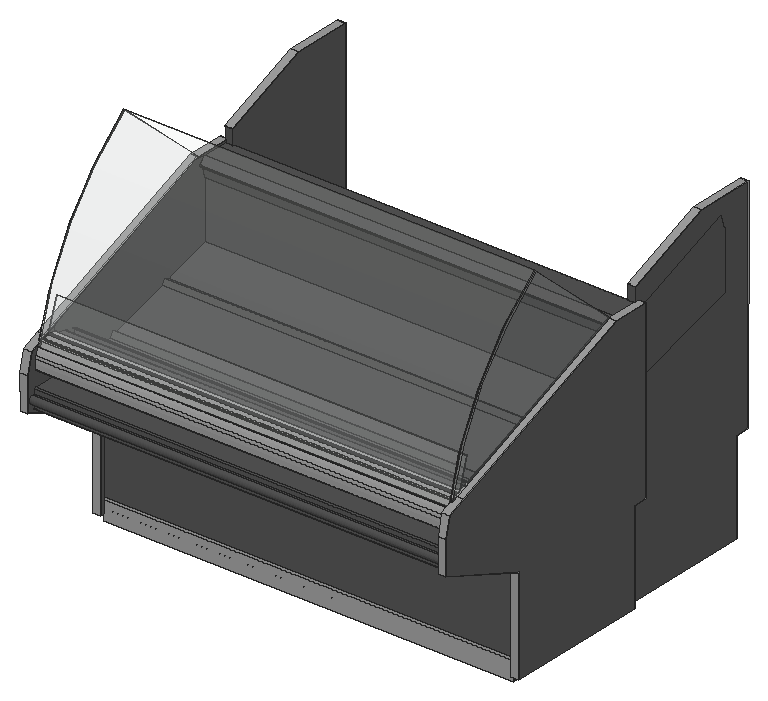
Revit family "DSFI-CG_2014", category Specialty Equipment, Revit 2014
Parameters (values of type "5'-0" Length")
  Width = 60"
  Waste Drain = 1 1/2"  # constant formula
  URL = "www.hussmann.com"
  Type Comments = "Service / Self Service Seafood"  # constant formula
  Trim = Stainless Steel
  Total Weight = Case Weight + (2 * End Weight)  # 0.00 lbf
  Splashguard = Stainless Steel
  Side Panel - Right [instance] = yes
  Side Panel - Left [instance] = yes
  Shelves = Sheet Metal (Steel Painted) - 701 Black
  Right Drain Location from Right = if(Width = 24", 12", if(Width = 36", 18", if(Width = 48", 18 1/8", if(Width = 60", 18 1/8", if(Width = 72", 30 1/8", if(Width = 96", 42", if(Width = 120", 54", 66")))))))  # 18 1/8"
  Revit Family Date = "08/11/2015"  # constant formula
  Refrigeration Lines Suction = 5/8"  # constant formula
  Refrigeration Lines Liquid = 3/8"  # constant formula
  Refrig. Suction = "Suction"
  Refrig. Liquid = "Liquid"
  Note from Manufacturer = "This model only comes in 2'-0\", 3'-0\", 4'-0\", and 5'-0\" length."
  Model URL = "http://www.hussmann.com/en/product%20viewer/display-cases/DSF,%20DSFI"
  Model = "DSFI"  # constant formula
  Manufacturer Disclaimer = "The information in this file is not intended to be an exact representation of the corresponding Hussmann product.  Further, we reserve the right to change or revise specifications and product design in connection with any feature of our products. Such changes do not entitle the buyer to corresponding changes, improvements, additions, or replacements for equipment previously sold or shipped."  # constant formula
  Manufacturer = "Hussmann Corporation"  # constant formula
  Light [instance] = no
  Left Drain Location from Left = if(Width = 24", 6 1/4", if(Width = 36", 6 1/8", if(Width = 48", 5", if(Width = 60", 5", if(Width = 72", 5", if(Width = 96", 5 1/8", if(Width = 120", 5 1/8", 5 1/8")))))))  # 5"
  Height = 45 5/8"  # constant formula
  Glazing = Glass
  Ends = Textured Sheet Metal (Steel Painted) - 701 Black
  End Weight = 0.00 lbf  # constant formula
  Door Frame = Stainless Steel
  Description = "Medium Depth Service Merchandiser for Fresh Seafood Applications"  # constant formula
  Depth = 55 7/8"  # constant formula
  Cutsheet URL = "http://www.hussmann.com/en/Technical%20Documents/DSF_102013_En.pdf"
  Curved Side Panel - Right [instance] = yes
  Curved Side Panel - Left [instance] = yes
  Close Off Panel = Textured Sheet Metal (Steel Painted) - 701 Black
  Case Weight = 0.00 lbf
  Case Interior - Side Panel = Sheet Metal (Steel Painted) - 701 Black
  Case Interior - Back Panel = Sheet Metal (Steel Painted) - 701 Black
  Case = Textured Sheet Metal (Steel Painted) - 701 Black
  Bumper = Extruded PVC - 701 Black
  Assembly Code = ""
  Accessories/Options = ""
Reference planes (in)
  plane 1 "Back": y = 0
  plane 2 "Bottom": z = 0
  plane 3 "Top": z = 45.625
  plane 4 "Left": x = -77.30699
  plane 5 "Front": y = -55.875
  plane 6 "Center (Left/Right)": x = -47.30699
  plane 7 "Right": x = -17.30699
  plane 8: y = -20
  plane 9: x = -76.18199
  plane 10: x = -18.43199
  plane 11: x = -78.43199
  plane 12: x = -16.18199
Forms (in)
  Extrusion 1, solid, material "Textured Sheet Metal (Steel Painted) - 701 Black" <- "Case"
    sketch origin (-47.30699, 0, 0) x (0, 1, 0) y (0, 0, 1)
      loop
        arc (-24.83381, 38.91648) -> (-24.84545, 38.89064) -> (-24.83705, 38.86357) r 0.04
        line (-24.83705, 38.86357) -> (-24.63528, 38.60532) -> (-24.40137, 38.69506) -> (-23.93097, 36.93957) -> (-23.71075, 37.02406) -> (-23.71075, 24.17311) -> (-21.664, 24.17311) -> (-21.664, 17.24909) -> (-23.01848, 17.22162) -> (-23.01848, 16.77724) -> (-26.95598, 16.77724) -> (-26.95598, 17.23414) -> (-41.48302, 17.74647) -> (-49.4473, 21.1271)
        arc (-49.4473, 21.1271) -> (-49.46059, 21.13816) -> (-49.46558, 21.15472) r 0.03
        line (-49.46558, 21.15472) -> (-49.46558, 27.03985) -> (-49.40419, 27.03375) -> (-49.38226, 27.28432) -> (-49.38226, 28.14614)
        arc (-49.38226, 28.14614) -> (-49.3971, 28.18748) -> (-49.43484, 28.20995) r 0.065
        line (-49.43484, 28.20995) -> (-51.24815, 28.56307) -> (-51.24815, 24.17402) -> (-51.31227, 24.17402) -> (-51.31227, 23) -> (-54.8155, 23)
        arc (-54.8155, 23) -> (-54.93783, 22.94933) -> (-54.9885, 22.827) r 0.173
        line (-54.9885, 22.827) -> (-54.9885, 20.2589)
        arc (-54.9885, 20.2589) -> (-54.98127, 20.23596) -> (-54.96218, 20.22131) r 0.04
        line (-54.96218, 20.22131) -> (-52.47331, 19.31544) -> (-52.41455, 19.47688) -> (-41.12442, 14.6845) -> (-21.535, 14.6845) -> (-21.535, 16.1845) -> (-20.035, 16.1845) -> (-20.035, 14.5595) -> (-20.535, 14.5595) -> (-20.535, 14.5245) -> (-20.035, 14.5245)
        arc (-20.035, 14.5245) -> (-20.01025, 14.53475) -> (-20, 14.5595) r 0.035
        line (-20, 14.5595) -> (-20, 35.82099) -> (-19.88, 35.82099) -> (-19.88, 39.77392)
        arc (-19.88, 39.77392) -> (-19.89172, 39.8022) -> (-19.92, 39.81392) r 0.04
        line (-19.92, 39.81392) -> (-23.93623, 39.81392) -> (-24.83381, 38.91648)
    from 30 to -30
  Extrusion 2, solid, material "Sheet Metal (Steel Painted) - 701 Black" <- "Shelves"
    sketch origin (-47.30699, 0, 0) x (0, 1, 0) y (0, 0, 1)
      loop
        line (-41.19832, 23.49654) -> (-43.99815, 22.6937) -> (-46.94421, 24.39461)
        arc (-46.94421, 24.39461) -> (-46.9635, 24.40261) -> (-46.98421, 24.40533) r 0.08
        line (-46.98421, 24.40533) -> (-47.72215, 24.40533) -> (-47.72215, 27.8125) -> (-48.07156, 27.89699) -> (-48.08284, 27.85034) -> (-47.77015, 27.77472) -> (-47.77015, 24.34277) -> (-49.46558, 24.34277) -> (-49.46558, 24.15527) -> (-46.90465, 24.15527) -> (-44.02297, 22.49153) -> (-23.71075, 28.31597) -> (-23.71075, 28.51102) -> (-30.43328, 26.58337) -> (-31.22918, 27.02455) -> (-31.67036, 26.22864) -> (-39.96124, 23.85127) -> (-40.75714, 24.29245) -> (-41.19832, 23.49654)
    from 30 to -30
  Extrusion 3, solid, material "Extruded PVC - 701 Black" <- "Bumper"
    sketch origin (-47.30699, 0, 0) x (0, 1, 0) y (0, 0, 1)
      loop
        arc (-55.3635, 22.25013) -> (-55.926, 21.68763) -> (-55.3635, 21.12513) r 0.5625
        line (-55.3635, 21.12513) -> (-54.9885, 21.12513) -> (-54.9885, 22.25013) -> (-55.3635, 22.25013)
    from 30 to -30
  Extrusion 4, solid, material "Textured Sheet Metal (Steel Painted) - 701 Black" <- "Close Off Panel"
    sketch origin (-47.30699, 0, -0.03125) x (0, 1, 0) y (0, 0, 1)
      loop
        line (-21.90759, 13.89928) -> (-21.92951, 14.14985) -> (-21.96438, 14.1468) -> (-21.94259, 13.89775) -> (-21.94259, 3.16349) -> (-21.90759, 3.16349) -> (-21.90759, 13.89928)
      loop
        line (-42.21942, 15.18055) -> (-42.21942, 0.86215) -> (-42.18442, 0.86215) -> (-42.18442, 15.16569) -> (-42.21942, 15.18055)
    from 30 to -30
  Extrusion 5, solid, material "Stainless Steel" <- "Splashguard"
    sketch origin (-47.30699, 0, -0.03125) x (0, 1, 0) y (0, 0, 1)
      loop
        line (-42.3003, 2.81625) -> (-42.3003, 0.03125) -> (-41.7653, 0.03125) -> (-41.7653, 0.06625) -> (-42.2653, 0.06625) -> (-42.2653, 2.81625) -> (-42.22346, 3.12587) -> (-42.25765, 3.13054) -> (-42.3003, 2.81625)
      loop
        line (-21.95357, 0.50112) -> (-21.6158, 0.09858) -> (-21.23395, 0.03125) -> (-21.22787, 0.06572) -> (-21.59718, 0.13084) -> (-21.91857, 0.51386) -> (-21.91857, 2.88864) -> (-21.94049, 3.14096) -> (-21.97536, 3.13791) -> (-21.95357, 2.88886) -> (-21.95357, 0.50112)
    from 30 to -30
  Extrusion 6, solid, material "Textured Sheet Metal (Steel Painted) - 701 Black" <- "Ends", visible <- "Curved Side Panel - Right"
    sketch origin (-17.30699, 0, 0) x (0, 0, 1) y (0, -1, 0)
      loop
        line (14.37303, -0.54843) -> (46.74598, -0.54843) -> (46.74598, 7.99475) -> (41.96199, 20) -> (0.83628, 20) -> (0.83628, 1.54444) -> (14.37303, 1.54444) -> (14.37303, -0.54843)
    from 0 to -1.125
  Extrusion 7, solid, material "Textured Sheet Metal (Steel Painted) - 701 Black" <- "Ends", visible <- "Curved Side Panel - Left"
    sketch origin (-77.30699, 0, 0) x (0, 1, 0) y (0, 0, 1)
      loop
        line (0.54843, 46.74598) -> (-7.99475, 46.74598) -> (-20, 41.96199) -> (-20, 0.83628) -> (-1.54444, 0.83628) -> (-1.54444, 14.37303) -> (0.54843, 14.37303) -> (0.54843, 46.74598)
    from 1.125 to 0
  Extrusion 8, solid, material "Glass" <- "Glazing"
    sketch origin (-47.30699, 0, 0) x (0, 1, 0) y (0, 0, 1)
      loop
        arc (-38.4785, 52.31089) -> (-48.88236, 41.17732) -> (-54.40186, 26.97408) r 40.25
        line (-54.40186, 26.97408) -> (-54.15591, 26.92927)
        arc (-54.15591, 26.92927) -> (-48.6707, 41.04429) -> (-38.33146, 52.10871) r 40
        line (-38.33146, 52.10871) -> (-38.4785, 52.31089)
      loop
        line (-50.81957, 33.3829) -> (-52.58841, 28.24584) -> (-52.564, 28.19579) -> (-52.4151, 28.14452) -> (-52.36506, 28.16893) -> (-50.59622, 33.306) -> (-50.81957, 33.3829)
    from 30 to -30
  Extrusion 9, solid, material "Stainless Steel" <- "Door Frame"
    sketch origin (-47.30699, 0, 0) x (0, 1, 0) y (0, 0, 1)
      loop
        arc (-54.27971, 28.0768) -> (-54.54483, 27.67871) -> (-54.74164, 27.24278) r 2.92923
        arc (-54.74164, 27.24278) -> (-54.80893, 26.99713) -> (-54.83876, 26.74418) r 1.7
        arc (-54.83876, 26.74418) -> (-54.83124, 26.00798) -> (-54.74644, 25.27664) r 7
        arc (-54.74644, 25.27664) -> (-54.73588, 25.25814) -> (-54.71588, 25.25082) r 0.031
        line (-54.71588, 25.25082) -> (-51.24815, 25.25082) -> (-51.24815, 28.3709) -> (-51.30565, 28.3709) -> (-51.30565, 28.8335) -> (-51.34502, 28.8335)
        arc (-51.34502, 28.8335) -> (-51.33489, 28.8539) -> (-51.34142, 28.87573) r 0.03104
        arc (-51.34142, 28.87573) -> (-51.67966, 28.9398) -> (-52.01791, 28.87573) r 0.92486
        arc (-52.01791, 28.87573) -> (-52.02444, 28.8539) -> (-52.01431, 28.8335) r 0.03104
        line (-52.01431, 28.8335) -> (-52.09459, 28.8335) -> (-52.13242, 28.72362) -> (-52.13242, 28.14452)
        arc (-52.13242, 28.14452) -> (-52.13819, 28.1306) -> (-52.15211, 28.12484) r 0.01969
        line (-52.15211, 28.12484) -> (-52.61155, 28.12484)
        arc (-52.61155, 28.12484) -> (-52.67229, 28.16542) -> (-52.65804, 28.23707) r 0.06575
        arc (-52.65804, 28.23707) -> (-52.58365, 28.44728) -> (-52.70028, 28.63733) r 0.25886
        arc (-52.70028, 28.63733) -> (-52.71809, 28.66695) -> (-52.70566, 28.69921) r 0.03937
        arc (-52.70566, 28.69921) -> (-52.62057, 28.74055) -> (-52.52704, 28.75476) r 0.31496
        line (-52.52704, 28.75476) -> (-52.47346, 28.75476)
        arc (-52.47346, 28.75476) -> (-52.45828, 28.75962) -> (-52.44874, 28.7724) r 0.02615
        line (-52.44874, 28.7724) -> (-52.436, 28.80939)
        arc (-52.436, 28.80939) -> (-52.43839, 28.82587) -> (-52.4532, 28.8335) r 0.01819
        line (-52.4532, 28.8335) -> (-53.30118, 28.8335)
        arc (-53.30118, 28.8335) -> (-53.32001, 28.82975) -> (-53.33597, 28.81908) r 0.04921
        line (-53.33597, 28.81908) -> (-53.39753, 28.75752)
        arc (-53.39753, 28.75752) -> (-53.4082, 28.74156) -> (-53.41195, 28.72273) r 0.04921
        line (-53.41195, 28.72273) -> (-53.41195, 28.68586) -> (-53.53006, 28.68586)
        arc (-53.53006, 28.68586) -> (-53.61116, 28.67192) -> (-53.68295, 28.6317) r 0.24288
        line (-53.68295, 28.6317) -> (-54.14037, 26.88557) -> (-54.42471, 26.93827) -> (-54.24042, 27.93081) -> (-54.20032, 28.05423)
        arc (-54.20032, 28.05423) -> (-54.20275, 28.07365) -> (-54.21923, 28.0842) r 0.02304
        line (-54.21923, 28.0842) -> (-54.25112, 28.0884)
        arc (-54.25112, 28.0884) -> (-54.26695, 28.08638) -> (-54.27971, 28.0768) r 0.03125
    from 30 to -30
  Extrusion 10, solid, material "Textured Sheet Metal (Steel Painted) - 701 Black" <- "Case", visible <- "Light"
    sketch origin (-47.30699, 0, 0) x (0, 1, 0) y (0, 0, 1)
      loop
        line (-50.7523, 18.7713) -> (-50.8003, 18.79167) -> (-50.8003, 15.1493) -> (-50.42133, 15.1493) -> (-50.42133, 15.31702) -> (-50.46821, 15.31702) -> (-50.46821, 15.19617) -> (-50.7523, 15.19617) -> (-50.7523, 18.7713)
    from 30 to -30
  Sweep 11, solid, material "Stainless Steel" <- "Trim", visible <- "Curved Side Panel - Left"
    path origin (-77.30699, 0, 0) x (0, 1, 0) y (0, 0, 1)
      loop
        line (-1.54444, 0.83628) -> (-1.54444, 14.37303) -> (0.54843, 14.37303) -> (0.54843, 46.74598) -> (-7.99475, 46.74598) -> (-20, 41.96199)
    profile origin (-77.30699, -1.54444, 7.60466) x (0, -1, 0) y (1, 0, 0)
      loop
        line (0, 0) -> (0, 1.125) -> (-0.03125, 1.125) -> (-0.03125, 0) -> (0, 0)
  Sweep 12, solid, material "Stainless Steel" <- "Trim", visible <- "Curved Side Panel - Right"
    path origin (-17.30699, 0, 0) x (0, 0, 1) y (0, -1, 0)
      loop
        line (0.83628, 1.54444) -> (14.37303, 1.54444) -> (14.37303, -0.54843) -> (46.74598, -0.54843) -> (46.74598, 7.99475) -> (41.96199, 20)
    profile origin (-17.30699, -1.54444, 7.60466) x (0, -1, 0) y (1, 0, 0)
      loop
        line (0, 0) -> (-0.03125, 0) -> (-0.03125, -1.125) -> (0, -1.125) -> (0, 0)
  Extrusion 13, solid, material "Sheet Metal (Steel Painted) - 701 Black" <- "Case Interior - Side Panel", visible <- "Curved Side Panel - Left"
    sketch origin (-77.30699, 0, 0) x (0, 1, 0) y (0, 0, 1)
      loop
        line (-23.71075, 28.31597) -> (-3.71075, 34.05087) -> (-3.71075, 42.45579) -> (-3.8611, 42.41551) -> (-4.40137, 44.43177) -> (-23.71075, 37.02406) -> (-23.71075, 28.31597)
    from 0 to -0.03125
  Extrusion 14, solid, material "Sheet Metal (Steel Painted) - 701 Black" <- "Case Interior - Side Panel", visible <- "Curved Side Panel - Right"
    sketch origin (-17.30699, 0, 0) x (0, 0, 1) y (0, -1, 0)
      loop
        line (28.31597, 23.71075) -> (34.05087, 3.71075) -> (42.45579, 3.71075) -> (42.41551, 3.8611) -> (44.43177, 4.40137) -> (37.02406, 23.71075) -> (28.31597, 23.71075)
    from 0.03125 to 0
  Extrusion 15, solid, material "Sheet Metal (Steel Painted) - 701 Black" <- "Case Interior - Back Panel"
    sketch origin (-47.30699, 0, 0) x (0, 1, 0) y (0, 0, 1)
      loop
        line (-23.71075, 28.31597) -> (-23.71075, 37.02406) -> (-23.742, 37.01207) -> (-23.742, 28.30701) -> (-23.71075, 28.31597)
    from 30 to -30
  Extrusion 16, solid, material "Textured Sheet Metal (Steel Painted) - 701 Black" <- "Ends", visible <- "Side Panel - Left"
    sketch origin (-77.30699, 0, 0) x (0, 1, 0) y (0, 0, 1)
      loop
        arc (-55.39477, 27.91076) -> (-55.74195, 26.46227) -> (-56.03853, 25.00258) r 42.8148
        line (-56.03853, 25.00258) -> (-56.03853, 20.14202) -> (-42.8003, 14.95336) -> (-42.8003, 0.83628) -> (-21.53036, 0.83628) -> (-21.53036, 14.37303) -> (-19.51262, 14.37303) -> (-19.51262, 40.03148) -> (-24.84455, 40.03148) -> (-52.80688, 28.88873) -> (-55.39477, 27.91076)
    from 0 to -1.125
  Extrusion 17, solid, material "Sheet Metal (Steel Painted) - 701 Black" <- "Case Interior - Side Panel", visible <- "Side Panel - Left"
    sketch origin (-77.30699, 0, 0) x (0, 1, 0) y (0, 0, 1)
      loop
        line (-25.39051, 39.81392) -> (-51.24815, 29.50987) -> (-51.24815, 24.15527) -> (-46.90465, 24.15527) -> (-44.02297, 22.49153) -> (-23.71075, 28.31597) -> (-23.71075, 37.02406) -> (-23.93097, 36.93957) -> (-24.40137, 38.69506) -> (-24.63528, 38.60532) -> (-24.83705, 38.86357)
        arc (-24.83705, 38.86357) -> (-24.84545, 38.89064) -> (-24.83381, 38.91648) r 0.04
        line (-24.83381, 38.91648) -> (-23.93623, 39.81392) -> (-25.39051, 39.81392)
    from 0 to 0.03125
  Extrusion 18, solid, material "Stainless Steel" <- "Trim", visible <- "Side Panel - Left"
    sketch origin (-77.30699, 0, 0) x (0, 1, 0) y (0, 0, 1)
      loop
        line (-19.51262, 40.03148) -> (-19.51262, 14.37303) -> (-21.53036, 14.37303) -> (-21.53036, 0.83628) -> (-21.49911, 0.83628) -> (-21.49911, 14.34178) -> (-19.48137, 14.34178) -> (-19.48137, 40.06273) -> (-24.85055, 40.06273) -> (-52.81819, 28.91786) -> (-55.42097, 27.93427)
        arc (-55.42097, 27.93427) -> (-55.77102, 26.47554) -> (-56.06978, 25.00544) r 42.84605
        line (-56.06978, 25.00544) -> (-56.06978, 20.12071) -> (-42.83155, 14.93204) -> (-42.83155, 0.83628) -> (-42.8003, 0.83628) -> (-42.8003, 14.95336) -> (-56.03853, 20.14202) -> (-56.03853, 25.00258)
        arc (-56.03853, 25.00258) -> (-55.74195, 26.46227) -> (-55.39477, 27.91076) r 42.8148
        line (-55.39477, 27.91076) -> (-52.80688, 28.88873) -> (-24.84455, 40.03148) -> (-19.51262, 40.03148)
    from 0 to -1.125
  Extrusion 19, solid, material "Glass", visible <- "Side Panel - Left"
    sketch origin (-77.27574, 0, 0) x (0, 1, 0) y (0, 0, 1)
      loop
        line (-24.84455, 40.03148) -> (-38.25812, 52.00788)
        arc (-38.25812, 52.00788) -> (-48.13064, 41.66862) -> (-53.73696, 28.5181) r 40
        line (-53.73696, 28.5181) -> (-24.84455, 40.03148)
    from 0 to -0.25
  Extrusion 20, solid, material "Textured Sheet Metal (Steel Painted) - 701 Black" <- "Ends", visible <- "Side Panel - Right"
    sketch origin (-17.30699, 0, 0) x (0, 1, 0) y (0, 0, -1)
      loop
        line (-55.39477, -27.91076) -> (-52.80688, -28.88873) -> (-24.84455, -40.03148) -> (-19.51262, -40.03148) -> (-19.51262, -14.37303) -> (-21.53036, -14.37303) -> (-21.53036, -0.83628) -> (-42.8003, -0.83628) -> (-42.8003, -14.95336) -> (-56.03853, -20.14202) -> (-56.03853, -25.00258)
        arc (-56.03853, -25.00258) -> (-55.74195, -26.46227) -> (-55.39477, -27.91076) r 42.8148
    from 0 to -1.125
  Extrusion 21, solid, material "Sheet Metal (Steel Painted) - 701 Black" <- "Case Interior - Side Panel", visible <- "Side Panel - Right"
    sketch origin (-17.30699, 0, 0) x (0, 1, 0) y (0, 0, -1)
      loop
        line (-51.24815, -29.50987) -> (-25.39051, -39.81392) -> (-23.93623, -39.81392) -> (-24.83381, -38.91648)
        arc (-24.83381, -38.91648) -> (-24.84545, -38.89064) -> (-24.83705, -38.86357) r 0.04
        line (-24.83705, -38.86357) -> (-24.63528, -38.60532) -> (-24.40137, -38.69506) -> (-23.93097, -36.93957) -> (-23.71075, -37.02406) -> (-23.71075, -28.31597) -> (-44.02297, -22.49153) -> (-46.90465, -24.15527) -> (-51.24815, -24.15527) -> (-51.24815, -29.50987)
    from 0 to 0.03125
  Extrusion 22, solid, material "Glass", visible <- "Side Panel - Right"
    sketch origin (-17.33824, 0, 0) x (0, 1, 0) y (0, 0, -1)
      loop
        line (-38.25812, -52.00788) -> (-24.84455, -40.03148) -> (-53.73696, -28.5181)
        arc (-53.73696, -28.5181) -> (-48.13064, -41.66862) -> (-38.25812, -52.00788) r 40
    from -0.03125 to -0.25
  Extrusion 23, solid, material "Stainless Steel" <- "Trim", visible <- "Side Panel - Right"
    sketch origin (-50.30699, 0, 0) x (0, 1, 0) y (0, 0, 1)
      loop
        line (-19.51262, 40.03148) -> (-19.51262, 14.37303) -> (-21.53036, 14.37303) -> (-21.53036, 0.83628) -> (-21.49911, 0.83628) -> (-21.49911, 14.34178) -> (-19.48137, 14.34178) -> (-19.48137, 40.06273) -> (-24.85055, 40.06273) -> (-52.81819, 28.91786) -> (-55.42097, 27.93427)
        arc (-55.42097, 27.93427) -> (-55.77102, 26.47554) -> (-56.06978, 25.00544) r 42.84605
        line (-56.06978, 25.00544) -> (-56.06978, 20.12071) -> (-42.83155, 14.93204) -> (-42.83155, 0.83628) -> (-42.8003, 0.83628) -> (-42.8003, 14.95336) -> (-56.03853, 20.14202) -> (-56.03853, 25.00258)
        arc (-56.03853, 25.00258) -> (-55.74195, 26.46227) -> (-55.39477, 27.91076) r 42.8148
        line (-55.39477, 27.91076) -> (-52.80688, 28.88873) -> (-24.84455, 40.03148) -> (-19.51262, 40.03148)
    from 34.125 to 33
  Extrusion 24, solid, material "Metal - Copper"
    sketch origin (63.3125, 1.04319, 0) x (1, 0, 0) y (0, 1, 0)
      loop
        circle (-99.86949, -26.16819) r 0.625
      loop
        arc (-99.86949, -26.75339) -> (-99.45569, -26.58199) -> (-99.28429, -26.16819) r 0.5852
        arc (-99.28429, -26.16819) -> (-99.45569, -25.75439) -> (-99.86949, -25.58299) r 0.5852
        arc (-99.86949, -25.58299) -> (-100.28329, -25.75439) -> (-100.45469, -26.16819) r 0.5852
        arc (-100.45469, -26.16819) -> (-100.28329, -26.58199) -> (-99.86949, -26.75339) r 0.5852
    from 14.6845 to 0
  Extrusion 25, solid, material "Metal - Copper"
    sketch origin (61.07608, -3.75, -0.375) x (1, 0, 0) y (0, 1, 0)
      loop
        circle (-81.44557, -25.25) r 0.1875
      loop
        circle (-81.44557, -25.25) r 0.17284
    from 15.0595 to 0.375
  Extrusion 26, solid, material "Metal - Copper"
    sketch origin (60.87749, -3.75, -0.375) x (1, 0, 0) y (0, 1, 0)
      loop
        circle (-82.87198, -25.25) r 0.4375
      loop
        circle (-82.87198, -25.25) r 0.41359
    from 15.0595 to 0.375
  Extrusion 27, solid, material "Metal - Copper"
    sketch origin (-63.6875, 0.66819, 0) x (1, 0, 0) y (0, 1, 0)
      loop
        circle (-7.49449, -25.79319) r 0.625
      loop
        arc (-7.49449, -26.37839) -> (-7.08069, -26.20699) -> (-6.90929, -25.79319) r 0.5852
        arc (-6.90929, -25.79319) -> (-7.08069, -25.37939) -> (-7.49449, -25.20799) r 0.5852
        arc (-7.49449, -25.20799) -> (-7.90829, -25.37939) -> (-8.07969, -25.79319) r 0.5852
        arc (-8.07969, -25.79319) -> (-7.90829, -26.20699) -> (-7.49449, -26.37839) r 0.5852
    from 14.6845 to 0
  Sweep 28, solid, material "Stainless Steel"
    path origin (0, 0, 0) x (1, 0, 0) y (0, 1, 0)
      loop
        line (-17.30699, -41.23412) -> (-77.30699, -41.23412)
    profile origin (-47.30699, -41.23412, 0) x (0, -1, 0) y (0, 0, 1)
      loop
        line (-0.891, 0.766) -> (-0.0785, 0.766)
        arc (-0.0785, 0.766) -> (-0.02299, 0.78899) -> (0, 0.8445) r 0.0785
        line (0, 0.8445) -> (0, 1.657) -> (-0.0785, 1.657) -> (-0.0785, 0.8445) -> (-0.891, 0.8445)
        arc (-0.891, 0.8445) -> (-0.94651, 0.82151) -> (-0.9695, 0.766) r 0.0785
        line (-0.9695, 0.766) -> (-0.9695, 0.0785) -> (-2.657, 0.0785) -> (-2.657, 0.766)
        arc (-2.657, 0.766) -> (-2.67999, 0.82151) -> (-2.7355, 0.8445) r 0.0785
        line (-2.7355, 0.8445) -> (-3.4855, 0.8445) -> (-3.4855, 0.766) -> (-2.7355, 0.766) -> (-2.7355, 0.0785)
        arc (-2.7355, 0.0785) -> (-2.71251, 0.02299) -> (-2.657, 0) r 0.0785
        line (-2.657, 0) -> (-0.9695, 0)
        arc (-0.9695, 0) -> (-0.91399, 0.02299) -> (-0.891, 0.0785) r 0.0785
        line (-0.891, 0.0785) -> (-0.891, 0.766)
  Sweep 29, solid, material "Stainless Steel"
    path origin (-124.61397, -20, 0) x (-1, 0, 0) y (0, 1, 0)
      loop
        line (-107.30699, -1.95376) -> (-47.30699, -1.95376)
    profile origin (-47.30699, -21.95376, 0) x (0, -1, 0) y (0, 0, 1)
      loop
        line (0.891, 0.766) -> (0.891, 0.0785)
        arc (0.891, 0.0785) -> (0.91399, 0.02299) -> (0.9695, 0) r 0.0785
        line (0.9695, 0) -> (2.657, 0)
        arc (2.657, 0) -> (2.71251, 0.02299) -> (2.7355, 0.0785) r 0.0785
        line (2.7355, 0.0785) -> (2.7355, 0.766) -> (3.4855, 0.766) -> (3.4855, 0.8445) -> (2.7355, 0.8445)
        arc (2.7355, 0.8445) -> (2.67999, 0.82151) -> (2.657, 0.766) r 0.0785
        line (2.657, 0.766) -> (2.657, 0.0785) -> (0.9695, 0.0785) -> (0.9695, 0.766)
        arc (0.9695, 0.766) -> (0.94651, 0.82151) -> (0.891, 0.8445) r 0.0785
        line (0.891, 0.8445) -> (0.0785, 0.8445) -> (0.0785, 1.657) -> (0, 1.657) -> (0, 0.8445)
        arc (0, 0.8445) -> (0.02299, 0.78899) -> (0.0785, 0.766) r 0.0785
        line (0.0785, 0.766) -> (0.891, 0.766)
Lines and regions (in)
  reference lines
    curve 1: line (-36.55699, -55.875, 0) -> (-36.55699, 0, 0)
    curve 2: line (-77.30699, -25.125, 0) -> (-17.30699, -25.125, 0)
    curve 3: line (-21.05699, -55.875, 0) -> (-21.05699, 0, 0)
    curve 4: line (-17.30699, -29, 0) -> (-77.30699, -29, 0)
    curve 5: line (-71.18199, -55.875, 0) -> (-71.18199, 0, 0)
Dimensions and locks (in)
  equal spacing: plane 4 "Left", plane 6 "Center (Left/Right)", plane 7 "Right"
  "Width": plane 4 "Left" to plane 7 "Right"
  "Depth": plane 5 "Front" to plane 1 "Back"
  "Height": plane 3 "Top" to level
  Extrusion 10 sketch curve to plane 5 "Front" = 5.0747"
  locked: plane 8 to plane 5 "Front" at 35.875
  locked: plane 4 "Left" to plane 9 at 1.125
  locked: plane 10 to plane 7 "Right" at 1.125
  locked: plane 7 "Right" to plane 12 at 1.125
  locked: plane 11 to plane 4 "Left" at 1.125
  locked: Extrusion 19 to plane 4 "Left" at 0.21875
  locked: plane 7 "Right" to Extrusion 22 at 0.21875
  locked: Extrusion 26 sketch curve to curve 3 at 0.52391
  locked: curve 3 to Extrusion 25 sketch curve at 0.51466
  locked: curve 3 to plane 10 at 2.625
  locked: curve 4 to plane 5 "Front" at 26.875
  "Right Drain Location from Right": curve 1 to plane 10
  "Left Drain Location from Left": plane 9 to curve 5
  locked: curve 2 to plane 5 "Front" at 30.75
  nested 1 to plane 5 "Front" = 9"
  radius of Extrusion 24 sketch curve = 0.5852"
  aligned and locked: Extrusion 1 to plane 4 "Left"
  aligned and locked: plane 7 "Right" to Extrusion 1
  aligned and locked: Extrusion 2 to plane 4 "Left"
  aligned and locked: plane 7 "Right" to Extrusion 2
  aligned and locked: Extrusion 3 to plane 4 "Left"
  aligned and locked: plane 7 "Right" to Extrusion 3
  aligned and locked: Extrusion 4 to plane 4 "Left"
  aligned and locked: plane 7 "Right" to Extrusion 4
  aligned and locked: Extrusion 5 to plane 4 "Left"
  aligned and locked: plane 7 "Right" to Extrusion 5
  aligned and locked: Extrusion 8 to plane 4 "Left"
  aligned and locked: plane 7 "Right" to Extrusion 8
  aligned and locked: Extrusion 10 to plane 4 "Left"
  aligned and locked: plane 7 "Right" to Extrusion 10
  aligned and locked: plane 4 "Left" to nested 1
  aligned and locked: Extrusion 9 to plane 4 "Left"
  aligned and locked: plane 7 "Right" to Extrusion 9
  aligned and locked: Sweep 11 sketch curve to plane 4 "Left"
  aligned and locked: profile plane to Sweep 12 sketch curve
  aligned and locked: Extrusion 15 to plane 4 "Left"
  aligned and locked: plane 7 "Right" to Extrusion 15
  aligned and locked: Sweep 12 to plane 7 "Right"
  aligned and locked: plane 9 to Extrusion 7
  aligned and locked: Extrusion 7 to plane 4 "Left"
  aligned and locked: plane 10 to Extrusion 6
  aligned and locked: Extrusion 16 to plane 11
  aligned and locked: Extrusion 16 to plane 4 "Left"
  aligned and locked: Extrusion 18 to Extrusion 16  (x2)
  aligned and locked: Extrusion 22 to plane 7 "Right"
  aligned and locked: Extrusion 20 to plane 12
  aligned and locked: Extrusion 20 to plane 7 "Right"
  aligned and locked: Extrusion 23 to plane 12
  aligned and locked: Extrusion 23 to plane 7 "Right"
  aligned and locked: curve 2 to Extrusion 24 sketch curve  (x2)
  aligned and locked: curve 1 to Extrusion 24 sketch curve  (x2)
  aligned and locked: curve 4 to Extrusion 26 sketch curve  (x2)
  aligned and locked: curve 4 to Extrusion 25 sketch curve  (x2)
  aligned and locked: curve 5 to Extrusion 27 sketch curve  (x2)
  aligned and locked: curve 2 to Extrusion 27 sketch curve  (x2)
  aligned and locked: plane 4 "Left" to Sweep 29 sketch curve
  aligned and locked: plane 7 "Right" to Sweep 29 sketch curve
  aligned and locked: plane 4 "Left" to Sweep 28 sketch curve
  aligned and locked: plane 7 "Right" to Sweep 28 sketch curve
Automatic sketch dimensions
  Extrusion 1 sketch curve to plane 8 = 0"
  plane 8 to Extrusion 1 sketch curve = 0.035"
  Extrusion 1 sketch curve to Extrusion 1 sketch curve = 0"  (x2)
  Extrusion 1 sketch curve to Extrusion 1 sketch curve = 1/2"
  Extrusion 1 sketch curve to Extrusion 1 sketch curve = 1"
  plane 8 to Extrusion 1 sketch curve = 1.664"
  Extrusion 1 sketch curve to Extrusion 1 sketch curve = 1.35448"
  plane 8 to Extrusion 1 sketch curve = 3.71075"
  Extrusion 1 sketch curve to Extrusion 1 sketch curve = 0.22022"
  Extrusion 1 sketch curve to Extrusion 1 sketch curve = 0.22548"
  Extrusion 1 sketch curve to Extrusion 1 sketch curve = 0.46514"
  Extrusion 1 sketch curve to Extrusion 1 sketch curve = 0.23391"
  Extrusion 1 sketch curve to Extrusion 1 sketch curve = 0.17024"
  Extrusion 1 sketch curve to Extrusion 1 sketch curve = 0.02828"
  Extrusion 1 sketch curve to Extrusion 1 sketch curve = 0.03152"
  Extrusion 1 sketch curve to Extrusion 1 sketch curve = 3 15/16"
  Extrusion 1 sketch curve to Extrusion 1 sketch curve = 14.16844"
  Extrusion 1 sketch curve to Extrusion 1 sketch curve = 0.3586"
  plane 5 "Front" to Extrusion 1 sketch curve = 6.49274"
  Extrusion 1 sketch curve to Extrusion 1 sketch curve = 0.02192"
  Extrusion 1 sketch curve to Extrusion 1 sketch curve = 0.05258"
  Extrusion 1 sketch curve to Extrusion 1 sketch curve = 0.03139"
  Extrusion 1 sketch curve to Extrusion 1 sketch curve = 0.065"
  Extrusion 1 sketch curve to Extrusion 1 sketch curve = 3/256"
  Extrusion 1 sketch curve to Extrusion 1 sketch curve = 0.03"
  Extrusion 1 sketch curve to Extrusion 1 sketch curve = 1.81331"
  Extrusion 1 sketch curve to Extrusion 1 sketch curve = 0.06412"
  Extrusion 1 sketch curve to Extrusion 1 sketch curve = 2.94897"
  Extrusion 1 sketch curve to Extrusion 1 sketch curve = 0.05876"
  plane 5 "Front" to Extrusion 1 sketch curve = 1.0595"
  plane 5 "Front" to Extrusion 1 sketch curve = 0.9265"
  Extrusion 1 sketch curve to Extrusion 1 sketch curve = 0.01368"
  Extrusion 1 sketch curve to Extrusion 1 sketch curve = 0.173"
  Extrusion 1 sketch curve to plane 8 = 0.08"
  Extrusion 1 sketch curve to Extrusion 1 sketch curve = 0.04"
  level to Extrusion 1 sketch curve = 14.5245"
  level to Extrusion 1 sketch curve = 14.6845"
  Extrusion 1 sketch curve to Extrusion 1 sketch curve = 1 1/2"
  Extrusion 1 sketch curve to Extrusion 1 sketch curve = 0.59274"
  Extrusion 1 sketch curve to Extrusion 1 sketch curve = 0.44438"
  Extrusion 1 sketch curve to Extrusion 1 sketch curve = 0.4569"
  Extrusion 1 sketch curve to Extrusion 1 sketch curve = 1.06459"
  Extrusion 1 sketch curve to Extrusion 1 sketch curve = 3.06197"
  Extrusion 1 sketch curve to Extrusion 1 sketch curve = 1.56897"
  Extrusion 1 sketch curve to Extrusion 1 sketch curve = 0.16144"
  Extrusion 1 sketch curve to Extrusion 1 sketch curve = 1.65023"
  Extrusion 1 sketch curve to Extrusion 1 sketch curve = 2.5681"
  Extrusion 1 sketch curve to Extrusion 1 sketch curve = 6.95148"
  Extrusion 1 sketch curve to Extrusion 1 sketch curve = 1.17402"
  Extrusion 1 sketch curve to Extrusion 1 sketch curve = 2.85973"
  Extrusion 1 sketch curve to Extrusion 1 sketch curve = 0.00609"
  Extrusion 1 sketch curve to Extrusion 1 sketch curve = 0.25057"
  Extrusion 1 sketch curve to Extrusion 1 sketch curve = 0.86182"
  Extrusion 1 sketch curve to Extrusion 1 sketch curve = 0.35312"
  plane 3 "Top" to Extrusion 1 sketch curve = 9.80401"
  Extrusion 1 sketch curve to Extrusion 1 sketch curve = 1.11858"
  Extrusion 1 sketch curve to Extrusion 1 sketch curve = 0.08449"
  Extrusion 1 sketch curve to Extrusion 1 sketch curve = 1.66575"
  Extrusion 1 sketch curve to Extrusion 1 sketch curve = 0.08974"
  Extrusion 1 sketch curve to Extrusion 1 sketch curve = 0.25825"
  Extrusion 1 sketch curve to Extrusion 1 sketch curve = 0.02463"
  Extrusion 1 sketch curve to Extrusion 1 sketch curve = 3.95292"
  plane 5 "Front" to Extrusion 2 sketch curve = 6.40942"
  Extrusion 2 sketch curve to Extrusion 2 sketch curve = 1.38273"
  Extrusion 2 sketch curve to Extrusion 2 sketch curve = 0.01128"
  Extrusion 2 sketch curve to Extrusion 2 sketch curve = 1.69542"
  Extrusion 2 sketch curve to Extrusion 2 sketch curve = 0.048"
  Extrusion 2 sketch curve to Extrusion 2 sketch curve = 0.73794"
  Extrusion 2 sketch curve to Extrusion 2 sketch curve = 0.04"
  Extrusion 2 sketch curve to Extrusion 2 sketch curve = 0.07956"
  Extrusion 2 sketch curve to Extrusion 2 sketch curve = 2.88168"
  Extrusion 2 sketch curve to Extrusion 2 sketch curve = 0.02482"
  Extrusion 2 sketch curve to Extrusion 2 sketch curve = 2.79983"
  Extrusion 2 sketch curve to Extrusion 2 sketch curve = 0.44118"  (x2)
  Extrusion 2 sketch curve to Extrusion 2 sketch curve = 0.7959"  (x2)
  Extrusion 2 sketch curve to Extrusion 2 sketch curve = 8.29088"
  plane 8 to Extrusion 2 sketch curve = 3.71075"
  level to Extrusion 2 sketch curve = 22.49153"
  Extrusion 2 sketch curve to Extrusion 2 sketch curve = 0.20217"
  Extrusion 2 sketch curve to Extrusion 2 sketch curve = 0.80284"
  Extrusion 2 sketch curve to Extrusion 2 sketch curve = 0.35473"  (x2)
  Extrusion 2 sketch curve to Extrusion 2 sketch curve = 1.46156"
  Extrusion 2 sketch curve to Extrusion 2 sketch curve = 0.17006"
  Extrusion 2 sketch curve to Extrusion 2 sketch curve = 0.01744"
  Extrusion 2 sketch curve to Extrusion 2 sketch curve = 0.06928"
  Extrusion 2 sketch curve to Extrusion 2 sketch curve = 2.37737"
  Extrusion 2 sketch curve to Extrusion 2 sketch curve = 3.36939"
  Extrusion 2 sketch curve to Extrusion 2 sketch curve = 0.03778"
  Extrusion 2 sketch curve to Extrusion 2 sketch curve = 1.7326"
  Extrusion 2 sketch curve to Extrusion 2 sketch curve = 0.19506"
  plane 5 "Front" to Extrusion 3 sketch curve = 0.5115"
  Extrusion 3 sketch curve to Extrusion 3 sketch curve = 3/8"
  level to Extrusion 3 sketch curve = 21.12513"
  Extrusion 3 sketch curve to Extrusion 3 sketch curve = 9/16"
  plane 5 "Front" to Extrusion 4 sketch curve = 13.65558"
  Extrusion 4 sketch curve to Extrusion 4 sketch curve = 0.035"  (x2)
  plane 8 to Extrusion 4 sketch curve = 1.96438"
  Extrusion 4 sketch curve to Extrusion 4 sketch curve = 0.02179"
  Extrusion 4 sketch curve to Extrusion 4 sketch curve = 0.03487"
  level to Extrusion 4 sketch curve = 0.8309"
  level to Extrusion 4 sketch curve = 3.13224"
  Extrusion 4 sketch curve to Extrusion 4 sketch curve = 10.73426"
  Extrusion 4 sketch curve to Extrusion 4 sketch curve = 0.00153"
  Extrusion 4 sketch curve to Extrusion 4 sketch curve = 14.30354"
  Extrusion 4 sketch curve to Extrusion 4 sketch curve = 0.01486"
  Extrusion 5 sketch curve to level = 0"  (x2)
  plane 5 "Front" to Extrusion 5 sketch curve = 13.5747"
  level to Extrusion 5 sketch curve = 2.785"
  Extrusion 5 sketch curve to Extrusion 5 sketch curve = 0.035"  (x2)
  level to Extrusion 5 sketch curve = 3.09929"
  Extrusion 5 sketch curve to Extrusion 5 sketch curve = 0.00765"
  level to Extrusion 5 sketch curve = 3.09462"
  Extrusion 5 sketch curve to Extrusion 5 sketch curve = 0.03419"
  Extrusion 5 sketch curve to Extrusion 5 sketch curve = 1/2"
  plane 8 to Extrusion 5 sketch curve = 1.97536"
  Extrusion 5 sketch curve to Extrusion 5 sketch curve = 0.02179"
  Extrusion 5 sketch curve to Extrusion 5 sketch curve = 0.03487"
  level to Extrusion 5 sketch curve = 0.06733"
  Extrusion 5 sketch curve to Extrusion 5 sketch curve = 0.30277"
  level to Extrusion 5 sketch curve = 0.09959"
  Extrusion 5 sketch curve to Extrusion 5 sketch curve = 0.01862"
  Extrusion 5 sketch curve to Extrusion 5 sketch curve = 0.36323"
  level to Extrusion 5 sketch curve = 0.035"
  level to Extrusion 5 sketch curve = 0.46987"
  Extrusion 5 sketch curve to Extrusion 5 sketch curve = 0.01274"
  Extrusion 5 sketch curve to Extrusion 5 sketch curve = 0"
  Extrusion 5 sketch curve to Extrusion 5 sketch curve = 2.37478"
  Extrusion 5 sketch curve to Extrusion 5 sketch curve = 0.00022"
  Extrusion 5 sketch curve to Extrusion 5 sketch curve = 0.24905"
  Extrusion 6 sketch curve to plane 8 = 0"
  level to Extrusion 6 sketch curve = 0.83628"
  plane 1 "Back" to Extrusion 6 sketch curve = 1.54444"
  Extrusion 6 sketch curve to Extrusion 6 sketch curve = 13.53675"
  plane 3 "Top" to Extrusion 6 sketch curve = 3.66301"
  Extrusion 6 sketch curve to plane 3 "Top" = 1.12098"
  Extrusion 6 sketch curve to plane 1 "Back" = 0.54843"
  plane 1 "Back" to Extrusion 6 sketch curve = 7.99475"
  Extrusion 7 sketch curve to plane 8 = 0"
  Extrusion 7 sketch curve to plane 3 "Top" = 1.12098"
  plane 1 "Back" to Extrusion 7 sketch curve = 7.99475"
  plane 1 "Back" to Extrusion 7 sketch curve = 1.54444"
  Extrusion 7 sketch curve to plane 1 "Back" = 0.54843"
  plane 3 "Top" to Extrusion 7 sketch curve = 3.66301"
  level to Extrusion 7 sketch curve = 14.37303"
  level to Extrusion 7 sketch curve = 0.83628"
  Extrusion 8 sketch curve to Extrusion 8 sketch curve = 0"  (x2)
  plane 5 "Front" to Extrusion 8 sketch curve = 1.47314"
  Extrusion 8 sketch curve to Extrusion 8 sketch curve = 0.24595"
  Extrusion 8 sketch curve to Extrusion 8 sketch curve = 1.56751"
  Extrusion 8 sketch curve to Extrusion 8 sketch curve = 0.02441"  (x2)
  Extrusion 8 sketch curve to Extrusion 8 sketch curve = 0.1489"
  Extrusion 8 sketch curve to Extrusion 8 sketch curve = 0.05004"  (x2)
  plane 5 "Front" to Extrusion 8 sketch curve = 5.05543"
  Extrusion 8 sketch curve to Extrusion 8 sketch curve = 0.22335"
  Extrusion 8 sketch curve to plane 3 "Top" = 6.68589"
  plane 5 "Front" to Extrusion 8 sketch curve = 17.3965"
  Extrusion 8 sketch curve to plane 3 "Top" = 6.48371"
  Extrusion 8 sketch curve to Extrusion 8 sketch curve = 0.14705"
  Extrusion 8 sketch curve to plane 8 = 5.19636"
  plane 3 "Top" to Extrusion 8 sketch curve = 12.2421"
  Extrusion 8 sketch curve to Extrusion 8 sketch curve = 0.07691"
  Extrusion 8 sketch curve to Extrusion 8 sketch curve = 1.22171"
  plane 5 "Front" to Extrusion 9 sketch curve = 1.15912"
  plane 5 "Front" to Extrusion 9 sketch curve = 1.45029"
  Extrusion 9 sketch curve to Extrusion 9 sketch curve = 0.16951"
  Extrusion 9 sketch curve to Extrusion 9 sketch curve = 0.00408"
  Extrusion 9 sketch curve to Extrusion 9 sketch curve = 0.01478"
  Extrusion 9 sketch curve to Extrusion 9 sketch curve = 0.03296"
  Extrusion 9 sketch curve to Extrusion 9 sketch curve = 0.00301"
  Extrusion 9 sketch curve to Extrusion 9 sketch curve = 0.02192"
  Extrusion 9 sketch curve to Extrusion 9 sketch curve = 0.28434"
  Extrusion 9 sketch curve to Extrusion 9 sketch curve = 0.53629"
  Extrusion 9 sketch curve to Extrusion 9 sketch curve = 0.15289"
  Extrusion 9 sketch curve to Extrusion 9 sketch curve = 0.11811"
  Extrusion 9 sketch curve to Extrusion 9 sketch curve = 0.01441"
  Extrusion 9 sketch curve to Extrusion 9 sketch curve = 0.0348"  (x4)
  Extrusion 9 sketch curve to Extrusion 9 sketch curve = 0.06156"  (x2)
  Extrusion 9 sketch curve to Extrusion 9 sketch curve = 1.00009"
  Extrusion 9 sketch curve to Extrusion 9 sketch curve = 0.46009"
  Extrusion 9 sketch curve to Extrusion 9 sketch curve = 0.16221"
  Extrusion 9 sketch curve to Extrusion 9 sketch curve = 0.22953"  (x2)
  Extrusion 9 sketch curve to Extrusion 9 sketch curve = 0.08451"
  Extrusion 9 sketch curve to Extrusion 9 sketch curve = 0.05358"
  Extrusion 9 sketch curve to Extrusion 9 sketch curve = 0.02027"
  Extrusion 9 sketch curve to Extrusion 9 sketch curve = 0"  (x5)
  Extrusion 9 sketch curve to Extrusion 9 sketch curve = 0.02473"
  Extrusion 9 sketch curve to Extrusion 9 sketch curve = 0.0172"
  Extrusion 9 sketch curve to Extrusion 9 sketch curve = 0.45945"
  Extrusion 9 sketch curve to Extrusion 9 sketch curve = 0.01969"
  Extrusion 9 sketch curve to Extrusion 9 sketch curve = 0.03783"
  Extrusion 9 sketch curve to Extrusion 9 sketch curve = 0.08028"
  Extrusion 9 sketch curve to Extrusion 9 sketch curve = 0.0208"  (x2)
  Extrusion 9 sketch curve to Extrusion 9 sketch curve = 1.1579"
  Extrusion 9 sketch curve to Extrusion 9 sketch curve = 0.45276"
  Extrusion 9 sketch curve to Extrusion 9 sketch curve = 0.62769"
  Extrusion 9 sketch curve to Extrusion 9 sketch curve = 0.03937"
  Extrusion 9 sketch curve to Extrusion 9 sketch curve = 0.0575"
  Extrusion 9 sketch curve to Extrusion 9 sketch curve = 3.4031"
  plane 3 "Top" to Extrusion 9 sketch curve = 20.37418"
  Extrusion 9 sketch curve to Extrusion 9 sketch curve = 0.031"
  Extrusion 9 sketch curve to Extrusion 9 sketch curve = 1.00866"
  Extrusion 9 sketch curve to Extrusion 9 sketch curve = 1.19661"
  Extrusion 9 sketch curve to Extrusion 9 sketch curve = 0.41263"
  Extrusion 9 sketch curve to Extrusion 9 sketch curve = 0.21345"
  Extrusion 9 sketch curve to Extrusion 9 sketch curve = 0.0527"
  Extrusion 9 sketch curve to Extrusion 9 sketch curve = 0.99254"
  Extrusion 9 sketch curve to Extrusion 9 sketch curve = 1.75546"
  Extrusion 9 sketch curve to Extrusion 9 sketch curve = 0.12342"
  Extrusion 9 sketch curve to Extrusion 9 sketch curve = 0.00318"
  Extrusion 9 sketch curve to Extrusion 9 sketch curve = 0.00712"
  Extrusion 9 sketch curve to Extrusion 9 sketch curve = 0.03098"
  Extrusion 9 sketch curve to Extrusion 9 sketch curve = 0.1099"
  Extrusion 9 sketch curve to Extrusion 9 sketch curve = 0.06575"
  Extrusion 9 sketch curve to Extrusion 9 sketch curve = 0.35596"
  Extrusion 9 sketch curve to Extrusion 9 sketch curve = 0.20273"
  Extrusion 9 sketch curve to Extrusion 9 sketch curve = 0.02286"
  Extrusion 9 sketch curve to Extrusion 9 sketch curve = 0.18873"
  Extrusion 9 sketch curve to Extrusion 9 sketch curve = 0.23057"
  Extrusion 9 sketch curve to Extrusion 9 sketch curve = 0.03687"
  Extrusion 9 sketch curve to Extrusion 9 sketch curve = 0.28382"
  Extrusion 9 sketch curve to Extrusion 9 sketch curve = 0.08439"
  Extrusion 9 sketch curve to Extrusion 9 sketch curve = 0.01764"
  Extrusion 9 sketch curve to Extrusion 9 sketch curve = 0.03699"
  Extrusion 9 sketch curve to Extrusion 9 sketch curve = 0.00592"
  Extrusion 9 sketch curve to Extrusion 9 sketch curve = 0.10988"
  Extrusion 9 sketch curve to Extrusion 9 sketch curve = 0.4626"
  Extrusion 9 sketch curve to Extrusion 9 sketch curve = 0.02304"  (x2)
  Extrusion 9 sketch curve to Extrusion 9 sketch curve = 0.31693"
  Extrusion 9 sketch curve to Extrusion 9 sketch curve = 0.0268"
  Extrusion 9 sketch curve to Extrusion 9 sketch curve = 0.0244"
  plane 5 "Front" to Extrusion 10 sketch curve = 5.0747"
  Extrusion 10 sketch curve to Extrusion 10 sketch curve = 0.048"
  Extrusion 10 sketch curve to Extrusion 10 sketch curve = 0.2841"
  Extrusion 10 sketch curve to Extrusion 10 sketch curve = 3/64"  (x2)
  level to Extrusion 10 sketch curve = 15.1493"
  Extrusion 10 sketch curve to Extrusion 10 sketch curve = 0.12085"
  Extrusion 10 sketch curve to Extrusion 10 sketch curve = 3.45427"
  Extrusion 10 sketch curve to Extrusion 10 sketch curve = 0.02037"
  Sweep 11 sketch curve to plane 8 = 0"
  Sweep 11 sketch curve to plane 3 "Top" = 1.12098"
  plane 1 "Back" to Sweep 11 sketch curve = 7.99475"
  plane 1 "Back" to Sweep 11 sketch curve = 1.54444"
  Sweep 11 sketch curve to plane 1 "Back" = 0.54843"
  level to Sweep 11 sketch curve = 14.37303"
  plane 3 "Top" to Sweep 11 sketch curve = 3.66301"
  level to Sweep 11 sketch curve = 0.83628"
  Sweep 11 sketch curve to profile plane = 0"
  Sweep 11 sketch curve to Sweep 11 sketch curve = 1/32"
  Sweep 11 sketch curve to Sweep 11 sketch curve = 1 1/8"
  Sweep 12 sketch curve to plane 8 = 0"
  plane 1 "Back" to Sweep 12 sketch curve = 1.54444"
  level to Sweep 12 sketch curve = 14.37303"
  Sweep 12 sketch curve to plane 3 "Top" = 1.12098"
  Sweep 12 sketch curve to plane 1 "Back" = 0.54843"
  plane 1 "Back" to Sweep 12 sketch curve = 7.99475"
  level to Sweep 12 sketch curve = 0.83628"
  plane 3 "Top" to Sweep 12 sketch curve = 3.66301"
  Sweep 12 sketch curve to profile plane = 0"
  profile plane to Sweep 12 sketch curve = 1/32"
  Sweep 12 sketch curve to plane 7 "Right" = 1 1/8"
  plane 8 to Extrusion 13 sketch curve = 3.71075"
  plane 3 "Top" to Extrusion 13 sketch curve = 1.19323"
  plane 1 "Back" to Extrusion 13 sketch curve = 4.40137"
  Extrusion 13 sketch curve to Extrusion 13 sketch curve = 0.54027"
  Extrusion 13 sketch curve to Extrusion 13 sketch curve = 0.15035"
  Extrusion 13 sketch curve to Extrusion 13 sketch curve = 1.97597"
  Extrusion 13 sketch curve to Extrusion 13 sketch curve = 0.04029"
  plane 3 "Top" to Extrusion 13 sketch curve = 8.60094"
  Extrusion 13 sketch curve to Extrusion 13 sketch curve = 8.36463"
  Extrusion 13 sketch curve to Extrusion 13 sketch curve = 8.70809"
  plane 8 to Extrusion 14 sketch curve = 3.71075"
  plane 3 "Top" to Extrusion 14 sketch curve = 17.30903"
  plane 1 "Back" to Extrusion 14 sketch curve = 3.71075"
  plane 3 "Top" to Extrusion 14 sketch curve = 11.57413"
  plane 3 "Top" to Extrusion 14 sketch curve = 8.60094"
  plane 3 "Top" to Extrusion 14 sketch curve = 3.20949"
  Extrusion 14 sketch curve to Extrusion 14 sketch curve = 0.04029"
  plane 3 "Top" to Extrusion 14 sketch curve = 1.19323"
  Extrusion 14 sketch curve to Extrusion 14 sketch curve = 0.15035"
  Extrusion 14 sketch curve to Extrusion 14 sketch curve = 0.54027"
  plane 8 to Extrusion 15 sketch curve = 3.742"
  Extrusion 15 sketch curve to Extrusion 15 sketch curve = 1/32"
  plane 3 "Top" to Extrusion 15 sketch curve = 17.31799"
  Extrusion 15 sketch curve to Extrusion 15 sketch curve = 0.00896"
  plane 3 "Top" to Extrusion 15 sketch curve = 8.61293"
  Extrusion 15 sketch curve to Extrusion 15 sketch curve = 0.01199"
  Extrusion 16 sketch curve to plane 5 "Front" = 0.16353"
  plane 5 "Front" to Extrusion 16 sketch curve = 0.48023"
  Extrusion 16 sketch curve to Extrusion 16 sketch curve = 2.58789"
  level to Extrusion 16 sketch curve = 0.83628"
  plane 5 "Front" to Extrusion 16 sketch curve = 13.0747"
  plane 8 to Extrusion 16 sketch curve = 4.84455"
  plane 8 to Extrusion 16 sketch curve = 1.53036"
  Extrusion 16 sketch curve to plane 8 = 0.48738"
  Extrusion 16 sketch curve to plane 8 = 6.06092"
  Extrusion 16 sketch curve to Extrusion 16 sketch curve = 13.53675"
  Extrusion 16 sketch curve to Extrusion 16 sketch curve = 14.11707"
  Extrusion 16 sketch curve to Extrusion 16 sketch curve = 2.83573"
  Extrusion 16 sketch curve to Extrusion 16 sketch curve = 5.18866"
  Extrusion 16 sketch curve to Extrusion 16 sketch curve = 4.86055"
  Extrusion 16 sketch curve to Extrusion 16 sketch curve = 0.97797"
  plane 3 "Top" to Extrusion 16 sketch curve = 5.59352"
  Extrusion 18 sketch curve to Extrusion 16 = 0"  (x11)
  Extrusion 16 to Extrusion 18 sketch curve = 0"  (x3)
  Extrusion 16 to Extrusion 18 sketch curve = 1/32"  (x6)
  Extrusion 18 sketch curve to Extrusion 18 sketch curve = 0.0262"
  Extrusion 18 sketch curve to Extrusion 18 sketch curve = 0.01131"
  Extrusion 18 sketch curve to Extrusion 18 sketch curve = 0.006"
  Extrusion 18 sketch curve to Extrusion 18 sketch curve = 0.02132"  (x2)
  Extrusion 18 sketch curve to Extrusion 18 sketch curve = 0.02913"
  Extrusion 20 sketch curve to plane 5 "Front" = 0.16353"
  plane 5 "Front" to Extrusion 20 sketch curve = 0.48023"
  Extrusion 20 sketch curve to Extrusion 20 sketch curve = 2.58789"
  level to Extrusion 20 sketch curve = 0.83628"
  plane 5 "Front" to Extrusion 20 sketch curve = 13.0747"
  plane 8 to Extrusion 20 sketch curve = 4.84455"
  plane 8 to Extrusion 20 sketch curve = 1.53036"
  Extrusion 20 sketch curve to plane 8 = 0.48738"
  Extrusion 20 sketch curve to plane 8 = 6.06092"
  Extrusion 20 sketch curve to Extrusion 20 sketch curve = 13.53675"
  Extrusion 20 sketch curve to Extrusion 20 sketch curve = 14.11707"
  Extrusion 20 sketch curve to Extrusion 20 sketch curve = 2.83573"
  Extrusion 20 sketch curve to Extrusion 20 sketch curve = 5.18866"
  Extrusion 20 sketch curve to Extrusion 20 sketch curve = 4.86055"
  Extrusion 20 sketch curve to Extrusion 20 sketch curve = 0.97797"
  plane 3 "Top" to Extrusion 20 sketch curve = 5.59352"
  Extrusion 23 sketch curve to Extrusion 23 sketch curve = 0"  (x2)
  Extrusion 23 sketch curve to plane 5 "Front" = 0.19478"
  Extrusion 23 sketch curve to Extrusion 23 sketch curve = 1/32"  (x6)
  plane 5 "Front" to Extrusion 23 sketch curve = 0.45403"
  Extrusion 23 sketch curve to Extrusion 23 sketch curve = 0.0262"
  Extrusion 23 sketch curve to Extrusion 23 sketch curve = 2.57658"
  Extrusion 23 sketch curve to Extrusion 23 sketch curve = 0.01131"
  plane 5 "Front" to Extrusion 23 sketch curve = 13.04345"
  plane 8 to Extrusion 23 sketch curve = 4.85055"
  Extrusion 23 sketch curve to Extrusion 23 sketch curve = 0.006"
  plane 8 to Extrusion 23 sketch curve = 1.53036"
  Extrusion 23 sketch curve to plane 8 = 0.48738"
  Extrusion 23 sketch curve to plane 8 = 6.06092"
  level to Extrusion 23 sketch curve = 0.83628"  (x2)
  Extrusion 23 sketch curve to Extrusion 23 sketch curve = 13.5055"
  Extrusion 23 sketch curve to Extrusion 23 sketch curve = 14.09576"
  Extrusion 23 sketch curve to Extrusion 23 sketch curve = 0.02132"  (x2)
  Extrusion 23 sketch curve to Extrusion 23 sketch curve = 2.86698"
  Extrusion 23 sketch curve to Extrusion 23 sketch curve = 5.18866"
  Extrusion 23 sketch curve to Extrusion 23 sketch curve = 4.86055"
  Extrusion 23 sketch curve to Extrusion 23 sketch curve = 0.00287"
  Extrusion 23 sketch curve to Extrusion 23 sketch curve = 0.97797"
  Extrusion 23 sketch curve to Extrusion 23 sketch curve = 0.02913"
  plane 3 "Top" to Extrusion 23 sketch curve = 5.59352"
  Extrusion 24 sketch curve to Extrusion 24 sketch curve = 0"  (x2)
  Extrusion 25 sketch curve to Extrusion 25 sketch curve = 0"  (x4)
  Extrusion 25 sketch curve to Extrusion 25 sketch curve = 0.17284"
  Extrusion 26 sketch curve to Extrusion 26 sketch curve = 0"  (x4)
  Extrusion 26 sketch curve to Extrusion 26 sketch curve = 0.41359"
  Extrusion 27 sketch curve to Extrusion 27 sketch curve = 0"  (x2)
  Extrusion 27 sketch curve to Extrusion 27 sketch curve = 0.5852"
  curve 4 to plane 4 "Left" = 0"
  curve 2 to plane 4 "Left" = 0"
  curve 2 to plane 7 "Right" = 0"
  curve 4 to plane 7 "Right" = 0"
  curve 1 to plane 5 "Front" = 0"
  curve 3 to plane 5 "Front" = 0"
  curve 5 to plane 5 "Front" = 0"
  plane 1 "Back" to curve 3 = 0"
  plane 1 "Back" to curve 1 = 0"
  plane 1 "Back" to curve 5 = 0"
  Sweep 28 sketch curve to profile plane = 0"  (x2)
  profile plane to Sweep 28 sketch curve = 0.0785"  (x2)
  Sweep 28 sketch curve to Sweep 28 sketch curve = 0"  (x8)
  Sweep 28 sketch curve to Sweep 28 sketch curve = 13/16"  (x2)
  Sweep 28 sketch curve to Sweep 28 sketch curve = 0.0785"
  Sweep 28 sketch curve to Sweep 28 sketch curve = 1 11/16"
  Sweep 28 sketch curve to Sweep 28 sketch curve = 3/4"
  profile plane to Sweep 28 sketch curve = 0.766"  (x2)
  Sweep 29 sketch curve to profile plane = 0"  (x2)
  Sweep 29 sketch curve to profile plane = 0.0785"
  Sweep 29 sketch curve to Sweep 29 sketch curve = 0"  (x6)
  profile plane to Sweep 29 sketch curve = 0.0785"
  Sweep 29 sketch curve to profile plane = 0.891"
  Sweep 29 sketch curve to Sweep 29 sketch curve = 0.0785"  (x3)
  profile plane to Sweep 29 sketch curve = 0.766"  (x2)
  Sweep 29 sketch curve to Sweep 29 sketch curve = 1 11/16"
  Sweep 29 sketch curve to Sweep 29 sketch curve = 3/4"
  Sweep 29 sketch curve to Sweep 29 sketch curve = 13/16"
  Sweep 29 sketch curve to plane 8 = 1.95376"
  plane 5 "Front" to Sweep 28 sketch curve = 14.64088"
  Extrusion 16 to Extrusion 17 sketch curve = 8.44784"
  Extrusion 17 sketch curve to Extrusion 17 sketch curve = 5.3546"
  Extrusion 17 sketch curve to Extrusion 17 sketch curve = 4.3435"
  Extrusion 16 to Extrusion 17 sketch curve = 1 57/256"
  Extrusion 17 sketch curve to Extrusion 17 sketch curve = 1.66374"
  Extrusion 17 sketch curve to Extrusion 16 = 2.18039"
  Extrusion 17 sketch curve to Extrusion 17 sketch curve = 11.49795"
  Extrusion 17 sketch curve to Extrusion 16 = 1.115"
  Extrusion 17 sketch curve to Extrusion 17 sketch curve = 0.89758"
  Extrusion 17 sketch curve to Extrusion 17 sketch curve = 0.02828"
  Extrusion 17 sketch curve to Extrusion 17 sketch curve = 0.02829"
  Extrusion 17 sketch curve to Extrusion 17 sketch curve = 0.03152"
  Extrusion 17 sketch curve to Extrusion 16 = 1.42616"
  Extrusion 17 sketch curve to Extrusion 17 sketch curve = 0.20177"
  Extrusion 17 sketch curve to Extrusion 16 = 1.33642"
  Extrusion 17 sketch curve to Extrusion 17 sketch curve = 0.23391"
  Extrusion 17 sketch curve to Extrusion 17 sketch curve = 0.70431"
  Extrusion 17 sketch curve to Extrusion 17 sketch curve = 1.66575"
  Extrusion 16 to Extrusion 17 sketch curve = 0"
  Extrusion 17 sketch curve to Extrusion 17 sketch curve = 0.08449"
  Extrusion 17 sketch curve to Extrusion 16 = 0"
  Extrusion 17 sketch curve to Extrusion 17 sketch curve = 0.55347"
  Extrusion 17 sketch curve to Extrusion 16 = 0.21756"
  Extrusion 21 sketch curve to Extrusion 20 = 0"  (x2)
  Extrusion 21 sketch curve to Extrusion 20 = 3.21348"
  Extrusion 21 sketch curve to Extrusion 20 = 4.79038"
  Extrusion 20 to Extrusion 21 sketch curve = 4.10435"
  Extrusion 20 to Extrusion 21 sketch curve = 1 57/256"
  Extrusion 21 sketch curve to Extrusion 20 = 1.115"
  Extrusion 21 sketch curve to Extrusion 21 sketch curve = 0.00324"
  Extrusion 21 sketch curve to Extrusion 21 sketch curve = 0.02828"
  Extrusion 21 sketch curve to Extrusion 21 sketch curve = 0.20177"
  Extrusion 21 sketch curve to Extrusion 21 sketch curve = 0.23391"
  Extrusion 21 sketch curve to Extrusion 20 = 0.21756"
  Extrusion 21 sketch curve to Extrusion 21 sketch curve = 0.46514"
  Extrusion 21 sketch curve to Extrusion 21 sketch curve = 0.02829"
  Extrusion 21 sketch curve to Extrusion 21 sketch curve = 0.19314"
  Extrusion 21 sketch curve to Extrusion 21 sketch curve = 0.08974"
  Extrusion 21 sketch curve to Extrusion 21 sketch curve = 1.66575"
  Extrusion 21 sketch curve to Extrusion 21 sketch curve = 8.62361"
  Extrusion 21 sketch curve to Extrusion 21 sketch curve = 5.3546"
  Extrusion 21 sketch curve to Extrusion 21 sketch curve = 1.66374"
  Extrusion 21 sketch curve to Extrusion 21 sketch curve = 0.55671"
  Extrusion 21 sketch curve to Extrusion 21 sketch curve = 0.22022"
  Extrusion 21 sketch curve to Extrusion 21 sketch curve = 0.08449"
  Extrusion 21 to Extrusion 22 sketch curve = 2.48881"
  Extrusion 21 to Extrusion 22 sketch curve = 8.98044"
  Extrusion 21 to Extrusion 22 sketch curve = 0.21756"
  Extrusion 21 to Extrusion 22 sketch curve = 0"
  Extrusion 22 sketch curve to Extrusion 21 = 12.99003"
  Extrusion 21 to Extrusion 22 sketch curve = 12.19397"
  Extrusion 22 sketch curve to Extrusion 21 = 0"
  Extrusion 17 to Extrusion 19 sketch curve = 0"
  Extrusion 19 sketch curve to Extrusion 17 = 12.99003"
  Extrusion 17 to Extrusion 19 sketch curve = 4.49614"
  Extrusion 17 to Extrusion 19 sketch curve = 8.98044"
  Extrusion 17 to Extrusion 19 sketch curve = 12.19397"
  Extrusion 17 to Extrusion 19 sketch curve = 0.21756"
  Extrusion 19 sketch curve to Extrusion 17 = 0"
  radius of Extrusion 18 sketch curve to Extrusion 16 = 0"
  radius of Extrusion 16 to Extrusion 18 sketch curve = 1/32"
  radius of Extrusion 24 sketch curve = 5/8"
  radius of Extrusion 25 sketch curve = 3/16"
  radius of Extrusion 26 sketch curve = 7/16"
  radius of Extrusion 27 sketch curve = 5/8"
Nested families (in)
  nested 1: "Light" at (-47.30699, -38.26699, -35.5), visible <- "Light", type "Light"
Connectors (in)
  piping at (-36.55699, -25.125, 0), diameter 1.5, driven by "Waste Drain"
    settings: on Extrusion 24, index 17, connector inside diameter 1 1/4", connector length 0", flow factor 0, pipe flow 0 GPM, pressure drop 0.00 psi, fitting loss kfactor 0, connector angle 0.00°, fixture units 0, engagement length 0", angle of deflection 0.00°, flow configuration 0, flow direction 0, fitting loss method 0, system type 16, joint type 0, gender type 0, connector reference index -1, connector utility 0, adjustable connector no, is connector primary yes, connector description ""
